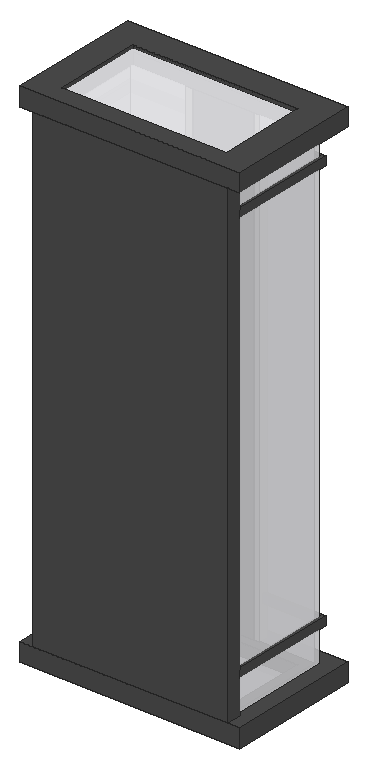
Revit family "TLI - Allegro W HCB - Wall", category Lighting Fixtures, host Wall, Revit 2012
Parameters (values of type "Biax 4-Pin 2 -  39W - 177V")
  Width = 0' - 9"
  Wet Location [instance] = yes
  Watts = 78 W
  Wattage = 38.373 W
  built-in parameter 1150110 = 1 (stored number, unit not read)
  Voltage = 277 V
  URL = "http://teronlighting.com/"
  built-in parameter 1114217 = 0.81 (stored number, unit not read)
  Tilt Angle = 0.00°
  built-in parameter 1150109 = 1 (stored number, unit not read)
  built-in parameter 1150134 = (empty or 0)
  Tamper Resistant Screws [instance] = no
  built-in parameter 1150113 = 1 (stored number, unit not read)
  Requires Special Disposal = no
  Remote Battery = no
  Product Page URL = "http://teronlighting.com/products/allegro-hcb/"
  Product Documentation URL = "http://teronlighting.com/wp-content/uploads/Allegro-W-HCB.pdf"
  Product = "Allegro W HCB"
  Point of Final Manufacture = "Fairfield, OH, USA"
  Photometric Web File = "generic.ies"
  Percentage Pre-Consumer = 0
  Percentage Post-Consumer = 0
  Number of Lamps = 2
  built-in parameter 1150142 = (empty or 0)
  Multi-Tap Ballast [instance] = no
  Mounting Type = "4\" Junction Box"
  Model = "ALLW - HCB - F239E"
  MasterFormat 2004 Title = "Exterior Lighting"
  MasterFormat 2004 Number = "26.56.00"
  Manufacturer Telephone = "01-513-858-6004"
  Manufacturer Email = "sales@teronlight.com"
  Manufacturer Address = "33 Donald Drive Fairfield, OH 45014"
  Manufacturer = "Teron Lighting"
  Lumens = 5700 lm
  built-in parameter 1150115 = 1 (stored number, unit not read)
  built-in parameter 1150105 = 453.59 (stored number, unit not read)
  built-in parameter 1150137 = (empty or 0)
  built-in parameter 1150139 = 0.81 (stored number, unit not read)
  Length = 1' - 9 1/8"
  built-in parameter 1150112 = 1 (stored number, unit not read)
  built-in parameter 1150114 = 1 (stored number, unit not read)
  Lamp Base = "4-Pin"
  Lamp = "2 - 39W BIAX"
  Integral Battery = no
  built-in parameter 1150132 = 2
  built-in parameter 1150102 = 3600
  built-in parameter 1150138 = 4100 (stored number, unit not read)
  built-in parameter 1150107 = 4100 (stored number, unit not read)
  Industry Standards = "Buy America Act"
  built-in parameter 1150106 = 4.5359 (stored number, unit not read)
  Fused [instance] = no
  Fixture Material = Paint - TLI - Textured Black
  Fixture = "Aluminum"
  Finish = "Textured Black"
  Fascia Material = Paint - TLI - Matte Silver
  Emergency Light Fixture [instance] = no
  Electronic Ballast [instance] = yes
  built-in parameter 1150104 = 13.8 (stored number, unit not read)
  Distributor Locations = "USA, Canada, Puerto Rico"
  Dimming Lamp Color Temperature Shift = <None>
  Dimming Ballast [instance] = no
  Diffuser Material = Acrylic - TLI - Luminous White
  Diffuser = "Luminous White Acrylic"
  Description = "Architectectural Outdoor"
  Depth = 0' - 5 1/2"
  Date Created = "7.2.2012"
  Created By = "RenderSpec  http://rederspec.com"
  Cost = 0
  Conditions of Use = "Elements are representations. Color and detail may differ from actual product. Information is for general use and should be reviewed by a Professional."
  Color Filter = 16777215
  built-in parameter 1114218 = 1 (stored number, unit not read)
  built-in parameter 1150133 = 10 (stored number, unit not read)
  Apparent Load = 78 VA
  Amps = 1
  ADA Compliant = no
Types (6): name | Watts | Wattage | Voltage | Number of Lamps | Model | Lumens | built-in parameter 1150105 | Lamp | built-in parameter 1150106 | Apparent Load
  Biax 4-Pin 2 -  27W - 120V | 54 W | 24.2356 W | 120 V | 2 | "ALLW - HCB - F227E" | 3600 lm | 286.48 (stored number, unit not read) | "2 - 27W BIAX" | 2.8648 (stored number, unit not read) | 54 VA
  Biax 4-Pin 2 -  27W - 277V | 54 W | 24.2356 W | 277 V | 2 | "ALLW - HCB - F227E" | 3600 lm | 286.48 (stored number, unit not read) | "2 - 27W BIAX" | 2.8648 (stored number, unit not read) | 54 VA
  Biax 4-Pin 1 -  39W - 120V | 39 W | 19.1865 W | 120 V | 1 | "ALLW - HCB - F139E" | 2850 lm | 226.8 (stored number, unit not read) | "1 - 39W BIAX" | 2.268 (stored number, unit not read) | 39 VA
  Biax 4-Pin 1 -  39W - 277V | 39 W | 19.1865 W | 277 V | 1 | "ALLW - HCB - F139E" | 2850 lm | 226.8 (stored number, unit not read) | "1 - 39W BIAX" | 2.268 (stored number, unit not read) | 39 VA
  Biax 4-Pin 2 -  39W - 120V | 78 W | 38.373 W | 120 V | 2 | "ALLW - HCB - F239E" | 5700 lm | 453.59 (stored number, unit not read) | "2 - 39W BIAX" | 4.5359 (stored number, unit not read) | 78 VA
  Biax 4-Pin 2 -  39W - 177V | 78 W | 38.373 W | 277 V | 2 | "ALLW - HCB - F239E" | 5700 lm | 453.59 (stored number, unit not read) | "2 - 39W BIAX" | 4.5359 (stored number, unit not read) | 78 VA
Reference planes (in)
  plane 1: y = 0
  plane 2 "Light Source Axis (F/B)": y = 4
  plane 3 "Light Source Axis (L/R)": x = -1.43133
  plane 4 "Light Source Elevation": z = 60.03469
Text (in)
  text "Placement Side" at (0, 40.15149, 117.0711), in view "Right"
  text "Placement Side" at (-70.3804, 28.46503, 0), in view "Ref. Level"
  text "Placement Side" at (0, 47.49176, 118.91627), in view "Left"
Dimensions and locks (in)
  locked: plane 2 "Light Source Axis (F/B)" to host wall at 1
  locked: nested 2 to plane 2 "Light Source Axis (F/B)" at 1
  aligned and locked: plane 3 "Light Source Axis (L/R)" to imposter light
  aligned and locked: plane 2 "Light Source Axis (F/B)" to imposter light
  aligned and locked: plane 4 "Light Source Elevation" to imposter light
  aligned and locked: nested 1 to plane 3 "Light Source Axis (L/R)"
  aligned and locked: nested 1 to host wall
Nested families (in)
  nested 1: "Wall Mounted Light Fixture" at (-1.43133, 3, 0), Emergency Light Fixture <- "Emergency Light Fixture", type "Wall Mounted Light Fixture"
    with Emergency Light Fixture no
  nested 2: "TLI - Allegro W HCB" at (-1.43133, 3, 60.03469), type "TLI - Allegro W HCB"
Connectors (in)
  electrical at (-1.43133, 3, 60.03469), driven by "Apparent Load", driven by "Voltage"
    settings: on nested 2, index 1, voltage 277 V, apparent load 78 VA, apparent load phase1 0 VA, apparent load phase2 0 VA, apparent load phase3 0 VA, power factor 1, load classification "Other", number of poles 1, system type 30, power factor state 1, is connector primary yes, connector utility no, sub classification motor no, connector description ""
Definition of nested family "TLI - Allegro W HCB"
  Parameters (values of type "TLI - Allegro W HCB")
    Fixture Material = Paint - TLI - Textured Black
    Fascia Material = Paint - TLI - Matte Silver
    Diffuser Material = Acrylic - TLI - Luminous White
  Reference planes (in)
    plane 1 "Center (Front/Back)": y = 0
    plane 2: z = 0
    plane 3 "Center (Left/Right)": x = 0
  Forms (in)
    Extrusion 1, solid, material "Paint - TLI - Textured Black" <- "Fixture Material"
      sketch origin (0, 0, -10.5625) x (-1, 0, 0) y (0, -1, 0)
        loop
          line (-4.5, -5.5) -> (4.5, -5.5) -> (4.5, 0) -> (-4.5, 0) -> (-4.5, -5.5)
        loop
          line (-3.375, -0.75) -> (-3.375, -4.375) -> (3.375, -4.375) -> (3.375, -0.75) -> (-3.375, -0.75)
      from 0 to 0.75
    Extrusion 2, solid, material "Paint - TLI - Textured Black" <- "Fixture Material"
      sketch origin (0, 0, 9.8125) x (-1, 0, 0) y (0, -1, 0)
        loop
          line (-4.5, -5.5) -> (4.5, -5.5) -> (4.5, 0) -> (-4.5, 0) -> (-4.5, -5.5)
        loop
          line (-3.375, -0.75) -> (-3.375, -4.375) -> (3.375, -4.375) -> (3.375, -0.75) -> (-3.375, -0.75)
      from 0 to 0.75
    Extrusion 3, solid, material "Acrylic - TLI - Luminous White" <- "Diffuser Material"
      sketch origin (0, 0, 10.3125) x (-1, 0, 0) y (0, -1, 0)
        loop
          line (-3.375, -4.375) -> (3.375, -4.375) -> (3.375, -0.75) -> (-3.375, -0.75) -> (-3.375, -4.375)
      from 0 to 0.125
    Extrusion 4, solid, material "Acrylic - TLI - Luminous White" <- "Diffuser Material"
      sketch origin (0, 0, -10.4375) x (-1, 0, 0) y (0, -1, 0)
        loop
          line (-3.375, -4.375) -> (3.375, -4.375) -> (3.375, -0.75) -> (-3.375, -0.75) -> (-3.375, -4.375)
      from 0 to 0.125
    Extrusion 5, solid, material "Acrylic - TLI - Luminous White" <- "Diffuser Material"
      sketch origin (0, 0, -10.5625) x (-1, 0, 0) y (0, -1, 0)
        loop
          line (-3.875, -0.625) -> (-3.875, -4.875) -> (-1.5, -4.875) -> (-1.5, -4.75) -> (-3.75, -4.75) -> (-3.75, -0.625) -> (-3.875, -0.625)
      from 0.75 to 20.375
    Extrusion 6, solid, material "Paint - TLI - Matte Silver" <- "Fascia Material"
      sketch origin (0.0625, -0.25, -10.5625) x (-1, 0, 0) y (0, -1, 0)
        loop
          line (-1.4375, -5) -> (-1.4375, -5.375) -> (-1.1875, -5.375) -> (-1.1875, -5) -> (-1.4375, -5)
      from 0.75 to 20.375
    Extrusion 7, solid, material "Paint - TLI - Matte Silver" <- "Fascia Material"
      sketch origin (-2.6875, -0.25, -10.5625) x (-1, 0, 0) y (0, -1, 0)
        loop
          line (-1.4375, -5) -> (-1.4375, -5.375) -> (-1.1875, -5.375) -> (-1.1875, -5) -> (-1.4375, -5)
      from 0.75 to 20.375
    Extrusion 8, solid, material "Acrylic - TLI - Luminous White" <- "Diffuser Material"
      sketch origin (0, 0, -10.5625) x (1, 0, 0) y (0, 1, 0)
        loop
          line (-3.875, 0.625) -> (-3.75, 0.625) -> (-3.75, 4.75) -> (-1.5, 4.75) -> (-1.5, 4.875) -> (-3.875, 4.875) -> (-3.875, 0.625)
      from 0.75 to 20.375
    Extrusion 9, solid, material "Paint - TLI - Textured Black" <- "Fixture Material"
      sketch origin (0, 0, -8.4375) x (-1, 0, 0) y (0, -1, 0)
        loop
          line (-3.875, -0.625) -> (-4, -0.625) -> (-4, -5) -> (-1.5, -5) -> (-1.5, -4.875) -> (-3.875, -4.875) -> (-3.875, -0.625)
      from 0 to 0.375
    Extrusion 10, solid, material "Paint - TLI - Textured Black" <- "Fixture Material"
      sketch origin (0, 0, 8.4375) x (0, 1, 0) y (-1, 0, 0)
        loop
          line (0.625, -3.875) -> (0.625, -4) -> (5, -4) -> (5, -1.5) -> (4.875, -1.5) -> (4.875, -3.875) -> (0.625, -3.875)
      from 0 to 0.375
    Extrusion 11, solid, material "Paint - TLI - Textured Black" <- "Fixture Material"
      sketch origin (0, 0, -8.4375) x (1, 0, 0) y (0, 1, 0)
        loop
          line (-3.875, 0.625) -> (-3.875, 4.875) -> (-1.5, 4.875) -> (-1.5, 5) -> (-4, 5) -> (-4, 0.625) -> (-3.875, 0.625)
      from 0 to 0.375
    Extrusion 12, solid, material "Paint - TLI - Textured Black" <- "Fixture Material"
      sketch origin (0, 0, 8.4375) x (0, -1, 0) y (1, 0, 0)
        loop
          line (-0.625, -3.875) -> (-4.875, -3.875) -> (-4.875, -1.5) -> (-5, -1.5) -> (-5, -4) -> (-0.625, -4) -> (-0.625, -3.875)
      from 0 to 0.375
    Extrusion 13, solid, material "Paint - TLI - Textured Black" <- "Fixture Material"
      sketch origin (0, 0, 0) x (-1, 0, 0) y (0, -1, 0)
        loop
          line (-4, 0) -> (-4, -0.625) -> (4, -0.625) -> (4, 0) -> (-4, 0)
      from -9.8125 to 9.8125
    Extrusion 14, solid, material "Paint - TLI - Matte Silver" <- "Fascia Material"
      sketch origin (-1.25, 4.9375, -10.5625) x (-1, 0, 0) y (0, 0, -1)
        loop
          line (-2.5, -0.78125) -> (-2, -1.06993) -> (-2, -1.64728) -> (-2.5, -1.93595) -> (-2.5, -2.94631) -> (-2, -3.23499) -> (-2, -3.81234) -> (-2.5, -4.10101) -> (-2.5, -5.11138) -> (-2, -5.40005) -> (-2, -5.9774) -> (-2.5, -6.26608) -> (-2.5, -7.27644) -> (-2, -7.56512) -> (-2, -8.14247) -> (-2.5, -8.43114) -> (-2.5, -9.4415) -> (-2, -9.73018) -> (-2, -10.30753) -> (-2.5, -10.5962) -> (-2.5, -11.60657) -> (-2, -11.89524) -> (-2, -12.47259) -> (-2.5, -12.76127) -> (-2.5, -13.77163) -> (-2, -14.06031) -> (-2, -14.63766) -> (-2.5, -14.92633) -> (-2.5, -15.93669) -> (-2, -16.22537) -> (-2, -16.80272) -> (-2.5, -17.0914) -> (-2.5, -18.10176) -> (-2, -18.39043) -> (-2, -18.96778) -> (-2.5, -19.25646) -> (-2.5, -20.375) -> (0, -20.375) -> (0, -19.25646) -> (-0.5, -18.96778) -> (-0.5, -18.39043) -> (0, -18.10176) -> (0, -17.0914) -> (-0.5, -16.80272) -> (-0.5, -16.22537) -> (0, -15.93669) -> (0, -14.92633) -> (-0.5, -14.63766) -> (-0.5, -14.06031) -> (0, -13.77163) -> (0, -12.76127) -> (-0.5, -12.47259) -> (-0.5, -11.89524) -> (0, -11.60657) -> (0, -10.5962) -> (-0.5, -10.30753) -> (-0.5, -9.73018) -> (0, -9.4415) -> (0, -8.43114) -> (-0.5, -8.14247) -> (-0.5, -7.56512) -> (0, -7.27644) -> (0, -6.26608) -> (-0.5, -5.9774) -> (-0.5, -5.40005) -> (0, -5.11138) -> (0, -4.10101) -> (-0.5, -3.81234) -> (-0.5, -3.23499) -> (0, -2.94631) -> (0, -1.93595) -> (-0.5, -1.64728) -> (-0.5, -1.06993) -> (0, -0.78125) -> (0, -0.75) -> (-2.5, -0.75) -> (-2.5, -0.78125)
        loop
          line (-1.375, -4.89487) -> (-1.375, -4.31752) -> (-1.875, -4.02885) -> (-2.375, -4.31752) -> (-2.375, -4.89487) -> (-1.875, -5.18355) -> (-1.375, -4.89487)
        loop
          line (-1.375, -2.72981) -> (-1.375, -2.15246) -> (-1.875, -1.86378) -> (-2.375, -2.15246) -> (-2.375, -2.72981) -> (-1.875, -3.01848) -> (-1.375, -2.72981)
        loop
          line (-1.375, -7.05993) -> (-1.375, -6.48258) -> (-1.875, -6.19391) -> (-2.375, -6.48258) -> (-2.375, -7.05993) -> (-1.875, -7.34861) -> (-1.375, -7.05993)
        loop
          line (-0.125, -9.225) -> (-0.125, -8.64765) -> (-0.625, -8.35897) -> (-1.125, -8.64765) -> (-1.125, -9.225) -> (-0.625, -9.51367) -> (-0.125, -9.225)
        loop
          line (-0.125, -2.72981) -> (-0.125, -2.15246) -> (-0.625, -1.86378) -> (-1.125, -2.15246) -> (-1.125, -2.72981) -> (-0.625, -3.01848) -> (-0.125, -2.72981)
        loop
          line (-0.125, -4.89487) -> (-0.125, -4.31752) -> (-0.625, -4.02885) -> (-1.125, -4.31752) -> (-1.125, -4.89487) -> (-0.625, -5.18355) -> (-0.125, -4.89487)
        loop
          line (-0.125, -7.05993) -> (-0.125, -6.48258) -> (-0.625, -6.19391) -> (-1.125, -6.48258) -> (-1.125, -7.05993) -> (-0.625, -7.34861) -> (-0.125, -7.05993)
        loop
          line (-0.75, -10.30753) -> (-0.75, -9.73018) -> (-1.25, -9.4415) -> (-1.75, -9.73018) -> (-1.75, -10.30753) -> (-1.25, -10.5962) -> (-0.75, -10.30753)
        loop
          line (-0.75, -8.14247) -> (-0.75, -7.56512) -> (-1.25, -7.27644) -> (-1.75, -7.56512) -> (-1.75, -8.14247) -> (-1.25, -8.43114) -> (-0.75, -8.14247)
        loop
          line (-0.75, -1.64728) -> (-0.75, -1.06993) -> (-1.25, -0.78125) -> (-1.75, -1.06993) -> (-1.75, -1.64728) -> (-1.25, -1.93595) -> (-0.75, -1.64728)
        loop
          line (-0.75, -3.81234) -> (-0.75, -3.23499) -> (-1.25, -2.94631) -> (-1.75, -3.23499) -> (-1.75, -3.81234) -> (-1.25, -4.10101) -> (-0.75, -3.81234)
        loop
          line (-0.75, -5.9774) -> (-0.75, -5.40005) -> (-1.25, -5.11138) -> (-1.75, -5.40005) -> (-1.75, -5.9774) -> (-1.25, -6.26608) -> (-0.75, -5.9774)
        loop
          line (-1.375, -9.225) -> (-1.375, -8.64765) -> (-1.875, -8.35897) -> (-2.375, -8.64765) -> (-2.375, -9.225) -> (-1.875, -9.51367) -> (-1.375, -9.225)
        loop
          line (-1.375, -13.55512) -> (-1.375, -12.97777) -> (-1.875, -12.6891) -> (-2.375, -12.97777) -> (-2.375, -13.55512) -> (-1.875, -13.8438) -> (-1.375, -13.55512)
        loop
          line (-1.375, -11.39006) -> (-1.375, -10.81271) -> (-1.875, -10.52404) -> (-2.375, -10.81271) -> (-2.375, -11.39006) -> (-1.875, -11.67874) -> (-1.375, -11.39006)
        loop
          line (-1.375, -15.72019) -> (-1.375, -15.14284) -> (-1.875, -14.85416) -> (-2.375, -15.14284) -> (-2.375, -15.72019) -> (-1.875, -16.00886) -> (-1.375, -15.72019)
        loop
          line (-0.125, -17.88525) -> (-0.125, -17.3079) -> (-0.625, -17.01923) -> (-1.125, -17.3079) -> (-1.125, -17.88525) -> (-0.625, -18.17393) -> (-0.125, -17.88525)
        loop
          line (-0.125, -11.39006) -> (-0.125, -10.81271) -> (-0.625, -10.52404) -> (-1.125, -10.81271) -> (-1.125, -11.39006) -> (-0.625, -11.67874) -> (-0.125, -11.39006)
        loop
          line (-0.125, -13.55512) -> (-0.125, -12.97777) -> (-0.625, -12.6891) -> (-1.125, -12.97777) -> (-1.125, -13.55512) -> (-0.625, -13.8438) -> (-0.125, -13.55512)
        loop
          line (-0.125, -15.72019) -> (-0.125, -15.14284) -> (-0.625, -14.85416) -> (-1.125, -15.14284) -> (-1.125, -15.72019) -> (-0.625, -16.00886) -> (-0.125, -15.72019)
        loop
          line (-0.75, -18.96778) -> (-0.75, -18.39043) -> (-1.25, -18.10176) -> (-1.75, -18.39043) -> (-1.75, -18.96778) -> (-1.25, -19.25646) -> (-0.75, -18.96778)
        loop
          line (-0.75, -16.80272) -> (-0.75, -16.22537) -> (-1.25, -15.93669) -> (-1.75, -16.22537) -> (-1.75, -16.80272) -> (-1.25, -17.0914) -> (-0.75, -16.80272)
        loop
          line (-0.75, -12.47259) -> (-0.75, -11.89524) -> (-1.25, -11.60657) -> (-1.75, -11.89524) -> (-1.75, -12.47259) -> (-1.25, -12.76127) -> (-0.75, -12.47259)
        loop
          line (-0.75, -14.63766) -> (-0.75, -14.06031) -> (-1.25, -13.77163) -> (-1.75, -14.06031) -> (-1.75, -14.63766) -> (-1.25, -14.92633) -> (-0.75, -14.63766)
        loop
          line (-1.375, -17.88525) -> (-1.375, -17.3079) -> (-1.875, -17.01923) -> (-2.375, -17.3079) -> (-2.375, -17.88525) -> (-1.875, -18.17393) -> (-1.375, -17.88525)
        loop
          line (-0.125, -20.05032) -> (-0.125, -19.47296) -> (-0.625, -19.18429) -> (-1.125, -19.47296) -> (-1.125, -20.05032) -> (-0.625, -20.33899) -> (-0.125, -20.05032)
        loop
          line (-1.375, -20.05032) -> (-1.375, -19.47296) -> (-1.875, -19.18429) -> (-2.375, -19.47296) -> (-2.375, -20.05032) -> (-1.875, -20.33899) -> (-1.375, -20.05032)
      from 0 to 0.0625
    Extrusion 15, solid, material "Paint - TLI - Textured Black" <- "Fixture Material"
      sketch origin (0, -0.25, -10.5625) x (-1, 0, 0) y (0, -1, 0)
        loop
          line (-1.25, -5) -> (-1.25, -5.125) -> (1.25, -5.125) -> (1.25, -5) -> (-1.25, -5)
      from 0.75 to 20.375
  Dimensions and locks (in)
    aligned and locked: plane 2 to level
    aligned and locked: Extrusion 9 to Extrusion 5
Definition of nested family "Wall Mounted Light Fixture"
  Parameters (values of type "Wall Mounted Light Fixture")
    Emergency Light Fixture [instance] = no
  Reference planes (in)
    plane 1: y = 0
    plane 2: x = 0
  Lines and regions (in)
    detail lines, built-in parameter 1006310 <- "Emergency Light Fixture"
      curve 1: circle (0, 0.125, 0) r 0.0625 normal (0, 0, 1)
    detail lines
      curve 2: line (-0.0625, 0, 0) -> (0.0625, 0, 0)
      curve 3: line (0, 0, 0) -> (0, 0.0625, 0)
